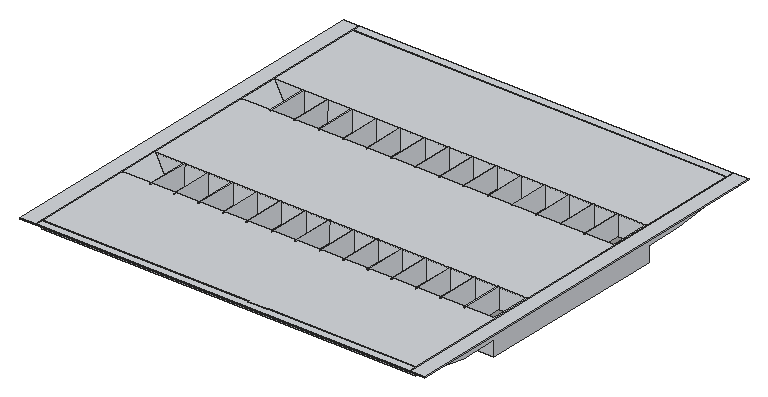
Revit family "0052600 Sylvania Lighting Fixture RANA NEO 3500LM REC 625x625 840 CC 2L WHITE", category Lighting Fixtures, host Face, Revit 2016
Family settings
  Host = Face
  Part Type = Normal
  Round Connector Dimension = Use Diameter
  OmniClass Number = 23.80.70.00
  OmniClass Title = Lighting
  Cut with Voids When Loaded = No
  Light Source = Yes
  Shared = No
  Room Calculation Point = No
Parameters (values of type "0052600 RANA NEO 3500LM R 625 840 CC 2L WHT")
  fin7 = 37 mm
  fin3 = 332 mm
  fin2 [instance] = 368 mm
  fin 6 = 110 mm
  fin 5 = 185 mm
  fin 4 = 258 mm
  fin 3 [instance] = 318 mm
  fin 2 = 407 mm
  fin 1 = 480 mm
  cut-out2 = 618 mm
  cut-out = 618 mm
  Width_SYL = if([600x600_SYL], 595 mm, if([625x625_SYL], 620 mm, if([1200_SYL], 296 mm, 306 mm)))  # 595 mm
  Width = 618 mm
  Weight = "n/a"
  Wattage Comments = ""
  Wattage = 193.079 W
  WarrantyStartDate [instance] = "n/a"
  WarrantyGuarantorParts = "n/a"
  WarrantyDurationUnit = "n/a"
  WarrantyDurationParts = ""
  WarrantyDescription = "http://www.sylvania-lighting.com"
  built-in parameter 1150110 = 1 (stored number, unit not read)
  Voltage = 0 V
  URL = "0.97"
  TypeName = "RANA NEO 3500LM REC 625x625 840 CC 2L WHITE"
  Type Image = <None>
  Type Comments = "n/a"
  built-in parameter 1114217 = 1 (stored number, unit not read)
  TopWidth_SYL = if([600x600_SYL], 295 mm, if([625x625_SYL], 295 mm, if([1200_SYL], 165 mm, 165 mm)))  # 295 mm
  Tilt Angle = -90.00°
  built-in parameter 1150109 = 1 (stored number, unit not read)
  built-in parameter 1150134 = (empty or 0)
  built-in parameter 1150113 = 1 (stored number, unit not read)
  SlopeTopWidth_SYL = if([600x600_SYL], 410 mm, if([625x625_SYL], 410 mm, if([1200_SYL], 168 mm, 168 mm)))  # 410 mm
  SlopeBottomWidth_SYL = if([600x600_SYL], 593 mm, if([625x625_SYL], 593 mm, if([1200_SYL], 244 mm, 244 mm)))  # 593 mm
  SlopeHeight_SYL = if([600x600_SYL], 17 mm, if([625x625_SYL], 17 mm, if([1200_SYL], 40 mm, 40 mm)))  # 17 mm
  SerialNumber [instance] = "n/a"
  ReflectorNumber_SYL = if([1Ref_SYL], 2, if([2Ref_SYL], 2, 3))  # 2
  ReflectorLength_SYL = Length_SYL - Inset_SYL * 2 - 5 mm  # 550 mm
  ReflectorInset_SYL = if([1Ref_SYL], 82.4 mm, if([2Ref_SYL], 30 mm, 30 mm))  # 30 mm
  Photometric Web File = "0052600.ies"
  Material_3_SYL = none
  PowerFactor = 0.95
  PowerConsumption = "Lighting"
  NominalLength = 620 mm
  NominalHeight = 60 mm
  NominalDepth = 595 mm
  Name = "RANA NEO 3500LM REC 625x625 840 CC 2L WHITE"
  ModelReference = Name  # "RANA NEO 3500LM REC 625x625 840 CC 2L WHITE"
  ModelNumber = "0052600"
  Model = Name  # "RANA NEO 3500LM REC 625x625 840 CC 2L WHITE"
  Material = "Feilo Sylvania"
  ManufacturerName = "117 lm/W"
  Manufacturer = ""
  LuminousEfficacy = ""
  built-in parameter 1150105 = 1536.5 (stored number, unit not read)
  Lumens = 19307.9 lm
  LuminaireType = "0"
  built-in parameter 1150115 = 1 (stored number, unit not read)
  LouverNumber_SYL = if([600x600_SYL], 14, if([625x625_SYL], 14, if([1200_SYL], 28, 28)))  # 14
  LightOutputRatio = "LED"
  built-in parameter 1150137 = (empty or 0)
  built-in parameter 1150139 = (empty or 0)
  Length_SYL = if([600x600_SYL], 595 mm, if([625x625_SYL], 620 mm, if([1200_SYL], 1196 mm, 1246 mm)))  # 595 mm
  Length = 618 mm
  LampsType = Lamp  # "n/a"
  LampNominalLuminous = "4000 K"
  LampMacAdamStep = "80"
  LampColourTemperature = "LED"
  LampColourRenderingIndex = "16500"
  built-in parameter 1150112 = 1 (stored number, unit not read)
  built-in parameter 1150114 = 1 (stored number, unit not read)
  Lamp = "n/a"
  LED position [instance] = 410 mm
  LED inside width = 165 mm
  LED inner void = 521.5 mm
  LED Width = 290 mm
  LED Length = 568 mm
  Keynote = "n/a"
  InstallationDate [instance] = "n/a"
  Inset_SYL = 20 mm  # constant formula
  InputVoltage = "0"
  InputNominalFrequency = "4000"
  built-in parameter 1150132 = (empty or 0)
  built-in parameter 1150102 = (empty or 0)
  built-in parameter 1150107 = 3000 (stored number, unit not read)
  built-in parameter 1150138 = (empty or 0)
  IngressProtection = "IfcLightFixtureType"
  ImpactProtectionIndex = "IfcLightFixtureType"
  built-in parameter 1150106 = 15.365 (stored number, unit not read)
  IfcExportType = "IfcLightFixtureType"
  IfcExportAs = "Class I"
  Height = 52 mm
  Emit from Rectangle Width = if([1Ref_SYL], 48 mm, TopWidth_SYL - 13 mm)  # 282 mm
  Emit from Rectangle Length = ReflectorLength_SYL - 8 mm  # 542 mm
  Emit Shape Visible in Rendering = no
  ElectricShockClassification = "117"
  built-in parameter 1150104 = 9.2903 (stored number, unit not read)
  DocumentationLiterature = "http://www.sylvania-lighting.com/product/en-int/products/0052600"
  DimmingControlOptions = "n/a"
  Material_2_SYL = none
  Dimming Lamp Color Temperature Shift = <None>
  Description = "-"
  Default Elevation = 1219.2 mm
  CreatedOn = "25/11/2019"
  CreatedBy = "@sylvania-lighting.com"
  Cost = 0
  Color Filter = 16777215
  built-in parameter 1114216 [instance] = (empty or 0)
  ClassificationValue = "EF_70_80"
  ClassificationName = "Uniclass2015"
  Material_1_SYL = none
  BarCode [instance] = "n/a"
  built-in parameter 1114218 = 1 (stored number, unit not read)
  built-in parameter 1150133 = 10 (stored number, unit not read)
  AssetType = "Fixed"
  AssetIdentifier [instance] = "n/a"
  Assembly Code = "D5020200"
  Apparent Load = 30 VA
  Material_4_SYL = none
  625x625_SYL = no
  600x600_SYL = yes
  2Ref_SYL = yes
  1Ref_SYL = no
  1200_SYL = no
Reference planes
  plane 1 "Center (Front/Back)": y = 0
  plane 2: z = 0
  plane 3 "Center (Left/Right)": x = 0
  plane 4: x = 60
  plane 5: x = 30
  plane 6: y = 297.5
  plane 7: y = -297.5
  plane 8: z = -120
  plane 9: z = -3
  plane 10: z = -12
  plane 11: z = -29
  plane 12: z = -52
  plane 13: y = -296.5
  plane 14: y = 296.5
  plane 15: y = 145
  plane 16: y = -145
  plane 17: y = 82.5
  plane 18: y = -82.5
  plane 19: x = -284
  plane 20: x = 284
  plane 21: y = 141
  plane 22: y = 86.5
  plane 23: x = -264
  plane 24: x = 257.5
  plane 25: x = -286
  plane 26: x = 286
  plane 27: y = -86.5
  plane 28: y = -141
  plane 29: x = 18.5
  plane 30: x = -18.5
  plane 31: x = 55
  plane 32: x = -55
  plane 33: x = 92.5
  plane 34: x = -92.5
  plane 35: x = 129
  plane 36: x = -129
  plane 37: x = 166
  plane 38: x = -166
  plane 39: x = -203.5
  plane 40: x = 203.5
  plane 41: x = -240
  plane 42: x = 240
  plane 43: x = 169.5
  plane 44: x = 162.5
  plane 45: x = 166.5
  plane 46: x = 165.5
  plane 47: x = 309
  plane 48: x = -309
  plane 49: y = 309
  plane 50: y = -309
  plane 51: x = 309
  plane 52: x = -309
  plane 53: y = 309
  plane 54: y = -309
Forms (mm)
  Extrusion 1, void
    sketch origin (0, 0, 0) x (1, 0, 0) y (0, 1, 0)
      loop
        line (-309, 309) -> (-309, -309) -> (309, -309) -> (309, 309) -> (-309, 309)
    from -120 to 97.685
  Extrusion 2, solid, detail levels medium+fine
    sketch origin (0, 0, 0) x (0, 1, 0) y (0, 0, 1)
      loop
        line (-296.5, 0) -> (-296.5, -12) -> (-205, -29) -> (-147.5, -29) -> (-147.5, -52) -> (147.5, -52) -> (147.5, -29) -> (205, -29) -> (296.5, -17.514) -> (296.5, 0) -> (-296.5, 0)
    from -286 to 286
  Extrusion 3, solid, detail levels medium+fine
    sketch origin (275, 1524, 1219.2) x (0, 1, 0) y (0, 0, 1)
      loop
        line (-1226.5, -1222.2) -> (-1226.5, -1219.2) -> (-1820.5, -1219.2) -> (-1820.5, -1222.2) -> (-1226.5, -1222.2)
    from 11 to -215
  Extrusion 4, solid, detail levels medium+fine
    sketch origin (-275, 1524, 1219.2) x (0, 1, 0) y (0, 0, 1)
      loop
        line (-1820.5, -1222.2) -> (-1227.5, -1222.2) -> (-1227.5, -1219.2) -> (-1820.5, -1219.2) -> (-1820.5, -1222.2)
    from -11 to 305
  Extrusion 5, solid, detail levels medium+fine
    sketch origin (0, 0, 0) x (0, 1, 0) y (0, 0, 1)
      loop
        line (-297.5, 0) -> (-297.5, -3) -> (-296.5, -3) -> (-296.5, 0) -> (-297.5, 0)
      loop
        line (297.5, -3) -> (297.5, 0) -> (296.5, 0) -> (296.5, -3) -> (297.5, -3)
    from 30 to 60
  Blend 6, void
    base sketch origin (0, 0, 0) x (1, 0, 0) y (0, 1, 0)
      loop
        line (-284, 145) -> (-284, 82.5) -> (284, 82.5) -> (284, 145) -> (-284, 145)
    top sketch origin (0, 0, 0) x (1, 0, 0) y (0, 1, 0)
      loop
        line (-264, 141) -> (-264, 86.5) -> (257.5, 86.5) -> (257.5, 141) -> (-264, 141)
    from 0 to -29
  Blend 7, void
    base sketch origin (0, 0, 0) x (1, 0, 0) y (0, 1, 0)
      loop
        line (-284, -82.5) -> (-284, -145) -> (284, -145) -> (284, -82.5) -> (-284, -82.5)
    top sketch origin (0, 0, 0) x (1, 0, 0) y (0, 1, 0)
      loop
        line (257.5, -86.5) -> (-264, -86.5) -> (-264, -141) -> (257.5, -141) -> (257.5, -86.5)
    from 0 to -29
  Extrusion 8, solid, detail levels fine
    sketch origin (0, 0, 0) x (1, 0, 0) y (0, 0, 1)
      loop
        line (162.5, -29) -> (169.5, -29) -> (166.5, 0) -> (165.5, 0) -> (162.5, -29)
    from -145 to -82.5
  Extrusion 9, solid, detail levels fine
    sketch origin (37.5, 0, 0) x (1, 0, 0) y (0, 0, 1)
      loop
        line (162.5, -29) -> (169.5, -29) -> (166.5, 0) -> (165.5, 0) -> (162.5, -29)
    from -145 to -82.5
  Extrusion 10, solid, detail levels fine
    sketch origin (74, 0, 0) x (1, 0, 0) y (0, 0, 1)
      loop
        line (162.5, -29) -> (169.5, -29) -> (166.5, 0) -> (165.5, 0) -> (162.5, -29)
    from -145 to -82.5
  Extrusion 11, solid, detail levels fine
    sketch origin (-37, 0, 0) x (1, 0, 0) y (0, 0, 1)
      loop
        line (162.5, -29) -> (169.5, -29) -> (166.5, 0) -> (165.5, 0) -> (162.5, -29)
    from -145 to -82.5
  Extrusion 12, solid, detail levels fine
    sketch origin (-73.5, 0, 0) x (1, 0, 0) y (0, 0, 1)
      loop
        line (162.5, -29) -> (169.5, -29) -> (166.5, 0) -> (165.5, 0) -> (162.5, -29)
    from -145 to -82.5
  Extrusion 13, solid, detail levels fine
    sketch origin (-111, 0, 0) x (1, 0, 0) y (0, 0, 1)
      loop
        line (162.5, -29) -> (169.5, -29) -> (166.5, 0) -> (165.5, 0) -> (162.5, -29)
    from -145 to -82.5
  Extrusion 14, solid, detail levels fine
    sketch origin (-147.5, 0, 0) x (1, 0, 0) y (0, 0, 1)
      loop
        line (162.5, -29) -> (169.5, -29) -> (166.5, 0) -> (165.5, 0) -> (162.5, -29)
    from -145 to -82.5
  Extrusion 15, solid, detail levels fine
    sketch origin (-184.5, 0, 0) x (1, 0, 0) y (0, 0, 1)
      loop
        line (162.5, -29) -> (169.5, -29) -> (166.5, 0) -> (165.5, 0) -> (162.5, -29)
    from -145 to -82.5
  Extrusion 16, solid, detail levels fine
    sketch origin (-221, 0, 0) x (1, 0, 0) y (0, 0, 1)
      loop
        line (162.5, -29) -> (169.5, -29) -> (166.5, 0) -> (165.5, 0) -> (162.5, -29)
    from -145 to -82.5
  Extrusion 17, solid, detail levels fine
    sketch origin (-258.5, 0, 0) x (1, 0, 0) y (0, 0, 1)
      loop
        line (162.5, -29) -> (169.5, -29) -> (166.5, 0) -> (165.5, 0) -> (162.5, -29)
    from -145 to -82.5
  Extrusion 18, solid, detail levels fine
    sketch origin (-295, 0, 0) x (1, 0, 0) y (0, 0, 1)
      loop
        line (162.5, -29) -> (169.5, -29) -> (166.5, 0) -> (165.5, 0) -> (162.5, -29)
    from -145 to -82.5
  Extrusion 19, solid, detail levels fine
    sketch origin (-332, 0, 0) x (1, 0, 0) y (0, 0, 1)
      loop
        line (162.5, -29) -> (169.5, -29) -> (166.5, 0) -> (165.5, 0) -> (162.5, -29)
    from -145 to -82.5
  Extrusion 20, solid, detail levels fine
    sketch origin (-369.5, 0, 0) x (1, 0, 0) y (0, 0, 1)
      loop
        line (162.5, -29) -> (169.5, -29) -> (166.5, 0) -> (165.5, 0) -> (162.5, -29)
    from -145 to -82.5
  Extrusion 21, solid, detail levels fine
    sketch origin (-406, 0, 0) x (1, 0, 0) y (0, 0, 1)
      loop
        line (162.5, -29) -> (169.5, -29) -> (166.5, 0) -> (165.5, 0) -> (162.5, -29)
    from -145 to -82.5
  Extrusion 22, solid, detail levels fine
    sketch origin (-406.072, 0, -0.017) x (1, 0, 0) y (0, 0, 1)
      loop
        line (162.5, -29) -> (169.5, -29) -> (166.5, 0) -> (165.5, 0) -> (162.5, -29)
    from 82.5 to 147.5
  Extrusion 23, solid, detail levels fine
    sketch origin (-369.572, 0, -0.017) x (1, 0, 0) y (0, 0, 1)
      loop
        line (162.5, -29) -> (169.5, -29) -> (166.5, 0) -> (165.5, 0) -> (162.5, -29)
    from 82.5 to 147.5
  Extrusion 24, solid, detail levels fine
    sketch origin (-331.998, 0, -0.017) x (1, 0, 0) y (0, 0, 1)
      loop
        line (162.5, -29) -> (169.5, -29) -> (166.5, 0) -> (165.5, 0) -> (162.5, -29)
    from 82.5 to 147.5
  Extrusion 25, solid, detail levels fine
    sketch origin (-294.998, 0, -0.017) x (1, 0, 0) y (0, 0, 1)
      loop
        line (162.5, -29) -> (169.5, -29) -> (166.5, 0) -> (165.5, 0) -> (162.5, -29)
    from 82.5 to 147.5
  Extrusion 26, solid, detail levels fine
    sketch origin (-258.498, 0, -0.017) x (1, 0, 0) y (0, 0, 1)
      loop
        line (162.5, -29) -> (169.5, -29) -> (166.5, 0) -> (165.5, 0) -> (162.5, -29)
    from 82.5 to 147.5
  Extrusion 27, solid, detail levels fine
    sketch origin (-221, 0, -0.017) x (1, 0, 0) y (0, 0, 1)
      loop
        line (162.5, -29) -> (169.5, -29) -> (166.5, 0) -> (165.5, 0) -> (162.5, -29)
    from 82.5 to 147.5
  Extrusion 28, solid, detail levels fine
    sketch origin (-184.5, 0, -0.017) x (1, 0, 0) y (0, 0, 1)
      loop
        line (162.5, -29) -> (169.5, -29) -> (166.5, 0) -> (165.5, 0) -> (162.5, -29)
    from 82.5 to 147.5
  Extrusion 29, solid, detail levels fine
    sketch origin (-147.5, 0, -0.017) x (1, 0, 0) y (0, 0, 1)
      loop
        line (162.5, -29) -> (169.5, -29) -> (166.5, 0) -> (165.5, 0) -> (162.5, -29)
    from 82.5 to 147.5
  Extrusion 30, solid, detail levels fine
    sketch origin (-111, 0, -0.017) x (1, 0, 0) y (0, 0, 1)
      loop
        line (162.5, -29) -> (169.5, -29) -> (166.5, 0) -> (165.5, 0) -> (162.5, -29)
    from 82.5 to 147.5
  Extrusion 31, solid, detail levels fine
    sketch origin (-73.5, 0, -0.017) x (1, 0, 0) y (0, 0, 1)
      loop
        line (162.5, -29) -> (169.5, -29) -> (166.5, 0) -> (165.5, 0) -> (162.5, -29)
    from 82.5 to 147.5
  Extrusion 32, solid, detail levels fine
    sketch origin (-37, 0, -0.017) x (1, 0, 0) y (0, 0, 1)
      loop
        line (162.5, -29) -> (169.5, -29) -> (166.5, 0) -> (165.5, 0) -> (162.5, -29)
    from 82.5 to 147.5
  Extrusion 33, solid, detail levels fine
    sketch origin (0, 0, -0.017) x (1, 0, 0) y (0, 0, 1)
      loop
        line (162.5, -29) -> (169.5, -29) -> (166.5, 0) -> (165.5, 0) -> (162.5, -29)
    from 82.5 to 147.5
  Extrusion 34, solid, detail levels fine
    sketch origin (37.5, 0, -0.017) x (1, 0, 0) y (0, 0, 1)
      loop
        line (162.5, -29) -> (169.5, -29) -> (166.5, 0) -> (165.5, 0) -> (162.5, -29)
    from 82.5 to 147.5
  Extrusion 35, solid, detail levels fine
    sketch origin (74, 0, -0.017) x (1, 0, 0) y (0, 0, 1)
      loop
        line (162.5, -29) -> (169.5, -29) -> (166.5, 0) -> (165.5, 0) -> (162.5, -29)
    from 82.5 to 147.5
  Extrusion 36, solid, material "Glass, White, High Luminance", detail levels fine
    sketch origin (0, 0, 0) x (1, 0, 0) y (0, 1, 0)
      loop
        line (-264, 141) -> (-264, 86.5) -> (257.5, 86.5) -> (257.5, 141) -> (-264, 141)
    from -29 to -28
  Extrusion 37, solid, material "Glass, White, High Luminance", detail levels fine
    sketch origin (0, 0, 0) x (1, 0, 0) y (0, 1, 0)
      loop
        line (-264, -86.5) -> (-264, -141) -> (257.5, -141) -> (257.5, -86.5) -> (-264, -86.5)
    from -29 to -28
  Extrusion 38, solid, detail levels coarse
    sketch origin (0, 0, 0) x (1, 0, 0) y (0, 1, 0)
      loop
        line (-309, 309) -> (-309, -309) -> (309, -309) -> (309, 309) -> (-309, 309)
    from -52 to 0
  Extrusion 39, solid, detail levels medium+fine
    sketch origin (0, 0, 0) x (1, 0, 0) y (0, 1, 0)
      loop
        line (-309, 309) -> (-309, -309) -> (-286, -309) -> (-286, 309) -> (-309, 309)
    from -1.177 to 0.023
  Extrusion 40, solid, detail levels medium+fine
    sketch origin (0, 0, 0) x (1, 0, 0) y (0, 1, 0)
      loop
        line (309, 309) -> (286, 309) -> (286, -309) -> (309, -309) -> (309, 309)
    from 0 to -1.2
  Extrusion 41, solid, detail levels medium+fine
    sketch origin (0, 1219.2, 38) x (1, 0, 0) y (0, 1, 0)
      loop
        line (286, -1528.2) -> (286, -1515.7) -> (-286, -1515.7) -> (-286, -1528.2) -> (286, -1528.2)
    from -39.177 to -38
  Extrusion 42, solid, detail levels medium+fine
    sketch origin (0, 1219.2, 38) x (1, 0, 0) y (0, 1, 0)
      loop
        line (-286, -910.2) -> (-286, -922.7) -> (286, -922.7) -> (286, -910.2) -> (-286, -910.2)
    from -39.177 to -38
Cuts and joins
  Blend 6, Blend 7 cuts Extrusion 2
  Blend 6, Blend 7 cuts Extrusion 3
  Blend 6, Blend 7 cuts Extrusion 4
  Blend 6, Blend 7 cuts Extrusion 5
  joined: Extrusion 2, Extrusion 3, Extrusion 4, Extrusion 5
Dimensions and locks
  locked: plane 2 to plane 8 at 120
  locked: plane 2 to plane 9 at 3
  locked: plane 2 to plane 10 at 12
  "SlopeHeight_SYL": plane 11 to plane 10
  "Height": plane 2 to plane 12
  equal spacing: plane 13, plane 1 "Center (Front/Back)", plane 14
  "SlopeBottomWidth_SYL": plane 13 to plane 14
  "LED Width": plane 15 to plane 16
  equal spacing: plane 15, plane 1 "Center (Front/Back)", plane 16
  "LED inside width": plane 17 to plane 18
  equal spacing: plane 17, plane 1 "Center (Front/Back)", plane 18
  "LED Length": plane 19 to plane 20
  equal spacing: plane 19, plane 3 "Center (Left/Right)", plane 20
  "LED inner void": plane 23 to plane 24
  "fin7": plane 29 to plane 30
  equal spacing: plane 29, plane 3 "Center (Left/Right)", plane 30
  "fin 6": plane 31 to plane 32
  equal spacing: plane 31, plane 3 "Center (Left/Right)", plane 32
  "fin 5": plane 33 to plane 34
  equal spacing: plane 33, plane 3 "Center (Left/Right)", plane 34
  "fin 4": plane 35 to plane 36
  equal spacing: plane 35, plane 3 "Center (Left/Right)", plane 36
  "fin 2": plane 40 to plane 39
  equal spacing: plane 40, plane 3 "Center (Left/Right)", plane 39
  "fin3": plane 37 to plane 38
  equal spacing: plane 37, plane 3 "Center (Left/Right)", plane 38
  "fin 1": plane 42 to plane 41
  equal spacing: plane 42, plane 3 "Center (Left/Right)", plane 41
  "ReflectorInset_SYL": plane 5 to plane 4
  equal spacing: plane 3 "Center (Left/Right)", plane 5, plane 4
  "Length": plane 48 to plane 47
  equal spacing: plane 48, plane 3 "Center (Left/Right)", plane 47
  "Width": plane 49 to plane 50
  equal spacing: plane 49, plane 1 "Center (Front/Back)", plane 50
  "cut-out": plane 52 to plane 51
  equal spacing: plane 52, plane 3 "Center (Left/Right)", plane 51
  "cut-out2": plane 53 to plane 54
  equal spacing: plane 53, plane 1 "Center (Front/Back)", plane 54
  aligned and locked: plane 2 to host face
  aligned and locked: level to host face
  aligned and locked: plane 10 to Extrusion 2 sketch curve
  aligned and locked: plane 12 to Extrusion 2 sketch curve
  aligned and locked: plane 11 to Extrusion 2 sketch curve  (x2)
  aligned and locked: Extrusion 2 sketch curve to level
  aligned and locked: plane 6 to Extrusion 3 sketch curve
  aligned and locked: plane 4 to Extrusion 3
  aligned and locked: Extrusion 4 sketch curve to cut or joined group of Extrusion 2, Extrusion 3, Extrusion 4, Extrusion 5, Blend 6, Blend 7
  aligned and locked: Extrusion 4 to plane 5
  aligned and locked: Extrusion 4 to Extrusion 2
  aligned and locked: plane 14 to Extrusion 2 sketch curve
  aligned and locked: plane 13 to Extrusion 2 sketch curve
  aligned and locked: Extrusion 5 sketch curve to level  (x2)
  aligned and locked: Extrusion 5 sketch curve to plane 7
  aligned and locked: cut or joined group of Extrusion 2, Extrusion 3, Extrusion 4, Extrusion 5, Blend 6, Blend 7 to Extrusion 5 sketch curve
  aligned and locked: Extrusion 5 sketch curve to cut or joined group of Extrusion 2, Extrusion 3, Extrusion 4, Extrusion 5, Blend 6, Blend 7  (x2)
  aligned and locked: Extrusion 5 to plane 5
  aligned and locked: plane 4 to Extrusion 5
Automatic sketch dimensions
  host sketch curve to host sketch curve = 1219.2 mm
  host sketch curve to host sketch curve = 1211.616 mm
  Extrusion 2 sketch curve to plane 16 = 60 mm
  Extrusion 2 sketch curve to plane 16 = 2.5 mm
  plane 15 to Extrusion 2 sketch curve = 2.5 mm
  Extrusion 2 sketch curve to Extrusion 2 sketch curve = 57.5 mm
  plane 10 to Extrusion 2 sketch curve = 5.514 mm
  plane 9 to Extrusion 3 sketch curve = 0 mm
  Extrusion 3 sketch curve to plane 13 = 0 mm
  Blend 6 sketch curve to plane 17 = 0 mm
  Blend 6 sketch curve to plane 19 = 0 mm
  Blend 6 sketch curve to plane 20 = 0 mm
  Blend 6 sketch curve to plane 15 = 0 mm
  Blend 6 sketch curve to plane 22 = 0 mm
  Blend 6 sketch curve to plane 23 = 0 mm
  Blend 6 sketch curve to plane 24 = 0 mm
  Blend 6 sketch curve to plane 21 = 0 mm
  Blend 7 sketch curve to plane 16 = 0 mm
  Blend 7 sketch curve to plane 19 = 0 mm
  Blend 7 sketch curve to plane 20 = 0 mm
  Blend 7 sketch curve to plane 18 = 0 mm
  Blend 7 sketch curve to plane 23 = 0 mm
  Blend 7 sketch curve to plane 24 = 0 mm
  Blend 7 sketch curve to plane 28 = 0 mm
  Blend 7 sketch curve to plane 27 = 0 mm
  Extrusion 8 sketch curve to plane 11 = 0 mm
  Extrusion 8 sketch curve to plane 44 = 0 mm
  Extrusion 8 sketch curve to level = 0 mm
  Extrusion 8 sketch curve to plane 46 = 0 mm
  Extrusion 8 sketch curve to plane 45 = 0 mm
  Extrusion 8 sketch curve to plane 43 = 0 mm
  Extrusion 9 sketch curve to plane 11 = 0 mm
  Extrusion 9 sketch curve to level = 0 mm
  Extrusion 9 sketch curve to plane 40 = 3.5 mm
  Extrusion 9 sketch curve to plane 40 = 0.5 mm
  plane 40 to Extrusion 9 sketch curve = 0.5 mm
  plane 40 to Extrusion 9 sketch curve = 3.5 mm
  Extrusion 10 sketch curve to plane 11 = 0 mm
  Extrusion 10 sketch curve to level = 0 mm
  Extrusion 10 sketch curve to plane 42 = 3.5 mm
  Extrusion 10 sketch curve to plane 42 = 0.5 mm
  plane 42 to Extrusion 10 sketch curve = 0.5 mm
  plane 42 to Extrusion 10 sketch curve = 3.5 mm
  Extrusion 11 sketch curve to plane 11 = 0 mm
  Extrusion 11 sketch curve to level = 0 mm
  Extrusion 11 sketch curve to plane 35 = 3.5 mm
  Extrusion 11 sketch curve to plane 35 = 0.5 mm
  plane 35 to Extrusion 11 sketch curve = 0.5 mm
  plane 35 to Extrusion 11 sketch curve = 3.5 mm
  Extrusion 12 sketch curve to plane 11 = 0 mm
  Extrusion 12 sketch curve to level = 0 mm
  Extrusion 12 sketch curve to plane 33 = 3.5 mm
  Extrusion 12 sketch curve to plane 33 = 0.5 mm
  plane 33 to Extrusion 12 sketch curve = 0.5 mm
  plane 33 to Extrusion 12 sketch curve = 3.5 mm
  Extrusion 13 sketch curve to plane 11 = 0 mm
  Extrusion 13 sketch curve to level = 0 mm
  Extrusion 13 sketch curve to plane 31 = 3.5 mm
  Extrusion 13 sketch curve to plane 31 = 0.5 mm
  plane 31 to Extrusion 13 sketch curve = 0.5 mm
  plane 31 to Extrusion 13 sketch curve = 3.5 mm
  Extrusion 14 sketch curve to plane 11 = 0 mm
  Extrusion 14 sketch curve to level = 0 mm
  Extrusion 14 sketch curve to plane 29 = 3.5 mm
  Extrusion 14 sketch curve to plane 29 = 0.5 mm
  plane 29 to Extrusion 14 sketch curve = 0.5 mm
  plane 29 to Extrusion 14 sketch curve = 3.5 mm
  Extrusion 15 sketch curve to plane 11 = 0 mm
  Extrusion 15 sketch curve to level = 0 mm
  Extrusion 15 sketch curve to plane 30 = 3.5 mm
  Extrusion 15 sketch curve to plane 30 = 0.5 mm
  plane 30 to Extrusion 15 sketch curve = 0.5 mm
  plane 30 to Extrusion 15 sketch curve = 3.5 mm
  Extrusion 16 sketch curve to plane 11 = 0 mm
  Extrusion 16 sketch curve to level = 0 mm
  Extrusion 16 sketch curve to plane 32 = 3.5 mm
  Extrusion 16 sketch curve to plane 32 = 0.5 mm
  plane 32 to Extrusion 16 sketch curve = 0.5 mm
  plane 32 to Extrusion 16 sketch curve = 3.5 mm
  Extrusion 17 sketch curve to plane 11 = 0 mm
  Extrusion 17 sketch curve to level = 0 mm
  Extrusion 17 sketch curve to plane 34 = 3.5 mm
  Extrusion 17 sketch curve to plane 34 = 0.5 mm
  plane 34 to Extrusion 17 sketch curve = 0.5 mm
  plane 34 to Extrusion 17 sketch curve = 3.5 mm
  Extrusion 18 sketch curve to plane 11 = 0 mm
  Extrusion 18 sketch curve to level = 0 mm
  Extrusion 18 sketch curve to plane 36 = 3.5 mm
  Extrusion 18 sketch curve to plane 36 = 0.5 mm
  plane 36 to Extrusion 18 sketch curve = 0.5 mm
  plane 36 to Extrusion 18 sketch curve = 3.5 mm
  Extrusion 19 sketch curve to plane 11 = 0 mm
  Extrusion 19 sketch curve to level = 0 mm
  Extrusion 19 sketch curve to plane 38 = 3.5 mm
  Extrusion 19 sketch curve to plane 38 = 0.5 mm
  plane 38 to Extrusion 19 sketch curve = 0.5 mm
  plane 38 to Extrusion 19 sketch curve = 3.5 mm
  Extrusion 20 sketch curve to plane 11 = 0 mm
  Extrusion 20 sketch curve to level = 0 mm
  Extrusion 20 sketch curve to plane 39 = 3.5 mm
  Extrusion 20 sketch curve to plane 39 = 0.5 mm
  plane 39 to Extrusion 20 sketch curve = 0.5 mm
  plane 39 to Extrusion 20 sketch curve = 3.5 mm
  Extrusion 21 sketch curve to plane 11 = 0 mm
  Extrusion 21 sketch curve to level = 0 mm
  Extrusion 21 sketch curve to plane 41 = 3.5 mm
  Extrusion 21 sketch curve to plane 41 = 0.5 mm
  plane 41 to Extrusion 21 sketch curve = 0.5 mm
  plane 41 to Extrusion 21 sketch curve = 3.5 mm
  plane 11 to Extrusion 22 sketch curve = 0.017 mm
  Extrusion 22 sketch curve to plane 41 = 3.572 mm
  Extrusion 22 sketch curve to level = 0.017 mm
  Extrusion 22 sketch curve to plane 41 = 0.572 mm
  plane 41 to Extrusion 22 sketch curve = 0.428 mm
  plane 41 to Extrusion 22 sketch curve = 3.428 mm
  plane 11 to Extrusion 23 sketch curve = 0.017 mm
  Extrusion 23 sketch curve to plane 39 = 3.572 mm
  Extrusion 23 sketch curve to level = 0.017 mm
  Extrusion 23 sketch curve to plane 39 = 0.572 mm
  plane 39 to Extrusion 23 sketch curve = 0.428 mm
  plane 39 to Extrusion 23 sketch curve = 3.428 mm
  plane 11 to Extrusion 24 sketch curve = 0.017 mm
  Extrusion 24 sketch curve to plane 38 = 3.498 mm
  Extrusion 24 sketch curve to level = 0.017 mm
  Extrusion 24 sketch curve to plane 38 = 0.498 mm
  plane 38 to Extrusion 24 sketch curve = 0.502 mm
  plane 38 to Extrusion 24 sketch curve = 3.502 mm
  plane 11 to Extrusion 25 sketch curve = 0.017 mm
  Extrusion 25 sketch curve to plane 36 = 3.498 mm
  Extrusion 25 sketch curve to level = 0.017 mm
  Extrusion 25 sketch curve to plane 36 = 0.498 mm
  plane 36 to Extrusion 25 sketch curve = 0.502 mm
  plane 36 to Extrusion 25 sketch curve = 3.502 mm
  plane 11 to Extrusion 26 sketch curve = 0.017 mm
  Extrusion 26 sketch curve to plane 34 = 3.498 mm
  Extrusion 26 sketch curve to level = 0.017 mm
  Extrusion 26 sketch curve to plane 34 = 0.498 mm
  plane 34 to Extrusion 26 sketch curve = 0.502 mm
  plane 34 to Extrusion 26 sketch curve = 3.502 mm
  plane 11 to Extrusion 27 sketch curve = 0.017 mm
  Extrusion 27 sketch curve to plane 32 = 3.5 mm
  Extrusion 27 sketch curve to level = 0.017 mm
  Extrusion 27 sketch curve to plane 32 = 0.5 mm
  plane 32 to Extrusion 27 sketch curve = 0.5 mm
  plane 32 to Extrusion 27 sketch curve = 3.5 mm
  plane 11 to Extrusion 28 sketch curve = 0.017 mm
  Extrusion 28 sketch curve to plane 30 = 3.5 mm
  Extrusion 28 sketch curve to level = 0.017 mm
  Extrusion 28 sketch curve to plane 30 = 0.5 mm
  plane 30 to Extrusion 28 sketch curve = 0.5 mm
  plane 30 to Extrusion 28 sketch curve = 3.5 mm
  plane 11 to Extrusion 29 sketch curve = 0.017 mm
  Extrusion 29 sketch curve to plane 29 = 3.5 mm
  Extrusion 29 sketch curve to level = 0.017 mm
  Extrusion 29 sketch curve to plane 29 = 0.5 mm
  plane 29 to Extrusion 29 sketch curve = 0.5 mm
  plane 29 to Extrusion 29 sketch curve = 3.5 mm
  plane 11 to Extrusion 30 sketch curve = 0.017 mm
  Extrusion 30 sketch curve to plane 31 = 3.5 mm
  Extrusion 30 sketch curve to level = 0.017 mm
  Extrusion 30 sketch curve to plane 31 = 0.5 mm
  plane 31 to Extrusion 30 sketch curve = 0.5 mm
  plane 31 to Extrusion 30 sketch curve = 3.5 mm
  plane 11 to Extrusion 31 sketch curve = 0.017 mm
  Extrusion 31 sketch curve to plane 33 = 3.5 mm
  Extrusion 31 sketch curve to level = 0.017 mm
  Extrusion 31 sketch curve to plane 33 = 0.5 mm
  plane 33 to Extrusion 31 sketch curve = 0.5 mm
  plane 33 to Extrusion 31 sketch curve = 3.5 mm
  plane 11 to Extrusion 32 sketch curve = 0.017 mm
  Extrusion 32 sketch curve to plane 35 = 3.5 mm
  Extrusion 32 sketch curve to level = 0.017 mm
  Extrusion 32 sketch curve to plane 35 = 0.5 mm
  plane 35 to Extrusion 32 sketch curve = 0.5 mm
  plane 35 to Extrusion 32 sketch curve = 3.5 mm
  Extrusion 33 sketch curve to plane 44 = 0 mm
  Extrusion 33 sketch curve to plane 46 = 0 mm
  Extrusion 33 sketch curve to plane 45 = 0 mm
  Extrusion 33 sketch curve to plane 43 = 0 mm
  plane 11 to Extrusion 33 sketch curve = 0.017 mm
  Extrusion 33 sketch curve to level = 0.017 mm
  plane 11 to Extrusion 34 sketch curve = 0.017 mm
  Extrusion 34 sketch curve to plane 40 = 3.5 mm
  Extrusion 34 sketch curve to level = 0.017 mm
  Extrusion 34 sketch curve to plane 40 = 0.5 mm
  plane 40 to Extrusion 34 sketch curve = 0.5 mm
  plane 40 to Extrusion 34 sketch curve = 3.5 mm
  plane 11 to Extrusion 35 sketch curve = 0.017 mm
  Extrusion 35 sketch curve to plane 42 = 3.5 mm
  Extrusion 35 sketch curve to level = 0.017 mm
  Extrusion 35 sketch curve to plane 42 = 0.5 mm
  plane 42 to Extrusion 35 sketch curve = 0.5 mm
  plane 42 to Extrusion 35 sketch curve = 3.5 mm
  Extrusion 36 sketch curve to plane 22 = 0 mm
  Extrusion 36 sketch curve to plane 23 = 0 mm
  Extrusion 36 sketch curve to plane 24 = 0 mm
  Extrusion 36 sketch curve to plane 21 = 0 mm
  Extrusion 37 sketch curve to plane 23 = 0 mm
  Extrusion 37 sketch curve to plane 24 = 0 mm
  Extrusion 37 sketch curve to plane 28 = 0 mm
  Extrusion 37 sketch curve to plane 27 = 0 mm
  Extrusion 38 sketch curve to plane 5 = 339 mm
  plane 4 to Extrusion 38 sketch curve = 249 mm
  plane 7 to Extrusion 38 sketch curve = 11.5 mm
  Extrusion 38 sketch curve to plane 6 = 11.5 mm
  plane 13 to Extrusion 39 sketch curve = 12.5 mm
  Extrusion 39 sketch curve to plane 48 = 0 mm
  Extrusion 39 sketch curve to plane 25 = 0 mm
  Extrusion 39 sketch curve to plane 6 = 11.5 mm
  Extrusion 40 sketch curve to plane 6 = 11.5 mm
  Extrusion 40 sketch curve to plane 26 = 0 mm
  plane 13 to Extrusion 40 sketch curve = 12.5 mm
  Extrusion 40 sketch curve to plane 47 = 0 mm
  Extrusion 3 sketch curve to level = 0 mm
  Extrusion 4 sketch curve to plane 13 = 0 mm
  Extrusion 4 sketch curve to level = 0 mm
  Extrusion 4 sketch curve to plane 14 = 0 mm
  Extrusion 5 sketch curve to plane 13 = 0 mm
  Extrusion 5 sketch curve to plane 14 = 0 mm
  Extrusion 41 sketch curve to plane 25 = 0 mm
  Extrusion 41 sketch curve to plane 26 = 0 mm
  Extrusion 41 sketch curve to plane 50 = 0 mm
  plane 13 to Extrusion 41 sketch curve = 0 mm
  plane 14 to Extrusion 42 sketch curve = 0 mm
  Extrusion 42 sketch curve to plane 25 = 0 mm
  Extrusion 42 sketch curve to plane 26 = 0 mm
  Extrusion 42 sketch curve to plane 49 = 0 mm
  plane 4 to Extrusion 1 sketch curve = 249 mm
  Extrusion 1 sketch curve to plane 5 = 339 mm
  plane 7 to Extrusion 1 sketch curve = 11.5 mm
  Extrusion 1 sketch curve to plane 6 = 11.5 mm
Connectors
  electrical at (0, 0, -52), driven by "Voltage", driven by "Apparent Load", driven by "PowerFactor"
    settings: on cut or joined group of Extrusion 2, Extrusion 3, Extrusion 4, Extrusion 5, Blend 6, Blend 7, index 1, voltage 0 V, apparent load 30 VA, apparent load phase1 0 VA, apparent load phase2 0 VA, apparent load phase3 0 VA, power factor 0.95, load classification "Lighting", number of poles 1, system type 30, power factor state 1, is connector primary yes, connector utility no, sub classification motor no, connector description ""
